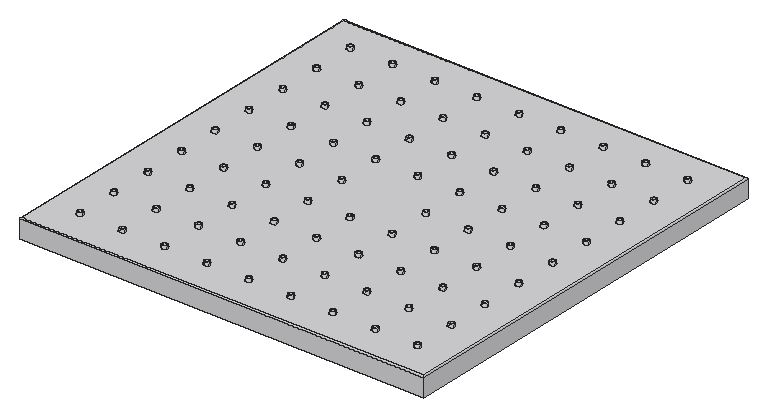
Revit family "Shower-Showerhead-KOHLER-Katalyst_Air-K-18361A", category Plumbing Fixtures, host Face, Revit 2017 (continued)
Definition of nested family "K-18361A"
  Lines and regions (in)
    symbolic lines, detail levels medium+fine
      curve 224: arc (1.1038148, 3.1298897, 0) -> (1.0408227, 3.1928818, 0) -> (0.9778306, 3.1298897, 0) r 0.0629921
      curve 225: arc (0.9935786, 3.1298897, 0) -> (1.0408227, 3.1771338, 0) -> (1.0880668, 3.1298897, 0) r 0.0472441
      curve 226: arc (1.0880668, 3.1298897, 0) -> (1.0408227, 3.0826456, 0) -> (0.9935786, 3.1298897, 0) r 0.0472441
      curve 227: arc (0.9778306, 3.1298897, 0) -> (1.0408227, 3.0668976, 0) -> (1.1038148, 3.1298897, 0) r 0.0629921
      curve 228: arc (0.964051, 3.1298897, 0) -> (1.0408227, 3.0531181, 0) -> (1.1175943, 3.1298897, 0) r 0.0767717
      curve 229: arc (1.1175943, 2.0877149, 0) -> (1.0408227, 2.1644866, 0) -> (0.964051, 2.0877149, 0) r 0.0767717
      curve 230: arc (1.1038148, 2.0877149, 0) -> (1.0408227, 2.1507071, 0) -> (0.9778306, 2.0877149, 0) r 0.0629921
      curve 231: arc (0.9935786, 2.0877149, 0) -> (1.0408227, 2.134959, 0) -> (1.0880668, 2.0877149, 0) r 0.0472441
      curve 232: arc (1.0880668, 2.0877149, 0) -> (1.0408227, 2.0404708, 0) -> (0.9935786, 2.0877149, 0) r 0.0472441
      curve 233: arc (0.9778306, 2.0877149, 0) -> (1.0408227, 2.0247228, 0) -> (1.1038148, 2.0877149, 0) r 0.0629921
      curve 234: arc (0.964051, 2.0877149, 0) -> (1.0408227, 2.0109433, 0) -> (1.1175943, 2.0877149, 0) r 0.0767717
      curve 235: arc (1.1175943, 1.0449391, 0) -> (1.0408227, 1.1217108, 0) -> (0.964051, 1.0449391, 0) r 0.0767717
      curve 236: arc (1.1038148, 1.0449391, 0) -> (1.0408227, 1.1079312, 0) -> (0.9778306, 1.0449391, 0) r 0.0629921
      curve 237: arc (0.9935786, 1.0449391, 0) -> (1.0408227, 1.0921832, 0) -> (1.0880668, 1.0449391, 0) r 0.0472441
      curve 238: arc (1.0880668, 1.0449391, 0) -> (1.0408227, 0.997695, 0) -> (0.9935786, 1.0449391, 0) r 0.0472441
      curve 239: arc (0.9778306, 1.0449391, 0) -> (1.0408227, 0.981947, 0) -> (1.1038148, 1.0449391, 0) r 0.0629921
      curve 240: arc (0.964051, 1.0449391, 0) -> (1.0408227, 0.9681674, 0) -> (1.1175943, 1.0449391, 0) r 0.0767717
      curve 241: arc (-4.0935977, -4.1745663, 0) -> (-4.1703694, -4.2513379, 0) -> (-4.247141, -4.1745663, 0) r 0.0767717
      curve 242: arc (-4.1073772, -4.1745663, 0) -> (-4.1703694, -4.2375584, 0) -> (-4.2333615, -4.1745663, 0) r 0.0629921
      curve 243: arc (-4.2176134, -4.1745663, 0) -> (-4.1703694, -4.2218104, 0) -> (-4.1231253, -4.1745663, 0) r 0.0472441
      curve 244: arc (-4.1231253, -4.1745663, 0) -> (-4.1703694, -4.1273222, 0) -> (-4.2176134, -4.1745663, 0) r 0.0472441
      curve 245: arc (-4.2333615, -4.1745663, 0) -> (-4.1703694, -4.1115742, 0) -> (-4.1073772, -4.1745663, 0) r 0.0629921
      curve 246: arc (-4.247141, -4.1745663, 0) -> (-4.1703694, -4.0977946, 0) -> (-4.0935977, -4.1745663, 0) r 0.0767717
      curve 247: arc (-4.0935977, -3.1292234, 0) -> (-4.1703694, -3.2059951, 0) -> (-4.247141, -3.1292234, 0) r 0.0767717
      curve 248: arc (-4.1073772, -3.1292234, 0) -> (-4.1703694, -3.1922155, 0) -> (-4.2333615, -3.1292234, 0) r 0.0629921
      curve 249: arc (-4.2176134, -3.1292234, 0) -> (-4.1703694, -3.1764675, 0) -> (-4.1231253, -3.1292234, 0) r 0.0472441
      curve 250: arc (-4.1231253, -3.1292234, 0) -> (-4.1703694, -3.0819793, 0) -> (-4.2176134, -3.1292234, 0) r 0.0472441
      curve 251: arc (-4.2333615, -3.1292234, 0) -> (-4.1703694, -3.0662313, 0) -> (-4.1073772, -3.1292234, 0) r 0.0629921
      curve 252: arc (-4.247141, -3.1292234, 0) -> (-4.1703694, -3.0524518, 0) -> (-4.0935977, -3.1292234, 0) r 0.0767717
      curve 253: arc (-3.0504155, -4.1745663, 0) -> (-3.1271871, -4.2513379, 0) -> (-3.2039588, -4.1745663, 0) r 0.0767717
      curve 254: arc (-3.064195, -4.1745663, 0) -> (-3.1271871, -4.2375584, 0) -> (-3.1901793, -4.1745663, 0) r 0.0629921
      curve 255: arc (-3.1744312, -4.1745663, 0) -> (-3.1271871, -4.2218104, 0) -> (-3.079943, -4.1745663, 0) r 0.0472441
      curve 256: arc (-3.079943, -4.1745663, 0) -> (-3.1271871, -4.1273222, 0) -> (-3.1744312, -4.1745663, 0) r 0.0472441
      curve 257: arc (-3.1901793, -4.1745663, 0) -> (-3.1271871, -4.1115742, 0) -> (-3.064195, -4.1745663, 0) r 0.0629921
      curve 258: arc (-3.2039588, -4.1745663, 0) -> (-3.1271871, -4.0977946, 0) -> (-3.0504155, -4.1745663, 0) r 0.0767717
      curve 259: arc (-3.0504155, -3.1298897, 0) -> (-3.1271871, -3.2066614, 0) -> (-3.2039588, -3.1298897, 0) r 0.0767717
      curve 260: arc (-3.064195, -3.1298897, 0) -> (-3.1271871, -3.1928818, 0) -> (-3.1901793, -3.1298897, 0) r 0.0629921
      curve 261: arc (-3.1744312, -3.1298897, 0) -> (-3.1271871, -3.1771338, 0) -> (-3.079943, -3.1298897, 0) r 0.0472441
      curve 262: arc (-3.079943, -3.1298897, 0) -> (-3.1271871, -3.0826456, 0) -> (-3.1744312, -3.1298897, 0) r 0.0472441
      curve 263: arc (-3.1901793, -3.1298897, 0) -> (-3.1271871, -3.0668976, 0) -> (-3.064195, -3.1298897, 0) r 0.0629921
      curve 264: arc (-3.2039588, -3.1298897, 0) -> (-3.1271871, -3.0531181, 0) -> (-3.0504155, -3.1298897, 0) r 0.0767717
      curve 265: arc (-3.0504155, -2.0877149, 0) -> (-3.1271871, -2.1644866, 0) -> (-3.2039588, -2.0877149, 0) r 0.0767717
      curve 266: arc (-3.064195, -2.0877149, 0) -> (-3.1271871, -2.1507071, 0) -> (-3.1901793, -2.0877149, 0) r 0.0629921
      curve 267: arc (-3.1744312, -2.0877149, 0) -> (-3.1271871, -2.134959, 0) -> (-3.079943, -2.0877149, 0) r 0.0472441
      curve 268: arc (-3.079943, -2.0877149, 0) -> (-3.1271871, -2.0404708, 0) -> (-3.1744312, -2.0877149, 0) r 0.0472441
      curve 269: arc (-3.1901793, -2.0877149, 0) -> (-3.1271871, -2.0247228, 0) -> (-3.064195, -2.0877149, 0) r 0.0629921
      curve 270: arc (-3.2039588, -2.0877149, 0) -> (-3.1271871, -2.0109433, 0) -> (-3.0504155, -2.0877149, 0) r 0.0767717
      curve 271: arc (-4.0935977, -2.0867319, 0) -> (-4.1703694, -2.1635036, 0) -> (-4.247141, -2.0867319, 0) r 0.0767717
      curve 272: arc (-4.1073772, -2.0867319, 0) -> (-4.1703694, -2.1497241, 0) -> (-4.2333615, -2.0867319, 0) r 0.0629921
      curve 273: arc (-4.2176134, -2.0867319, 0) -> (-4.1703694, -2.133976, 0) -> (-4.1231253, -2.0867319, 0) r 0.0472441
      curve 274: arc (-4.1231253, -2.0867319, 0) -> (-4.1703694, -2.0394878, 0) -> (-4.2176134, -2.0867319, 0) r 0.0472441
      curve 275: arc (-4.2333615, -2.0867319, 0) -> (-4.1703694, -2.0237398, 0) -> (-4.1073772, -2.0867319, 0) r 0.0629921
      curve 276: arc (-4.247141, -2.0867319, 0) -> (-4.1703694, -2.0099603, 0) -> (-4.0935977, -2.0867319, 0) r 0.0767717
      curve 277: arc (-3.0504155, -1.0449391, 0) -> (-3.1271871, -1.1217108, 0) -> (-3.2039588, -1.0449391, 0) r 0.0767717
      curve 278: arc (-3.064195, -1.0449391, 0) -> (-3.1271871, -1.1079312, 0) -> (-3.1901793, -1.0449391, 0) r 0.0629921
      curve 279: arc (-3.1744312, -1.0449391, 0) -> (-3.1271871, -1.0921832, 0) -> (-3.079943, -1.0449391, 0) r 0.0472441
      curve 280: arc (-3.079943, -1.0449391, 0) -> (-3.1271871, -0.997695, 0) -> (-3.1744312, -1.0449391, 0) r 0.0472441
      curve 281: arc (-3.1901793, -1.0449391, 0) -> (-3.1271871, -0.981947, 0) -> (-3.064195, -1.0449391, 0) r 0.0629921
      curve 282: arc (-3.2039588, -1.0449391, 0) -> (-3.1271871, -0.9681674, 0) -> (-3.0504155, -1.0449391, 0) r 0.0767717
      curve 283: arc (-4.0935977, -1.0446144, 0) -> (-4.1703694, -1.121386, 0) -> (-4.247141, -1.0446144, 0) r 0.0767717
      curve 284: arc (-4.1073772, -1.0446144, 0) -> (-4.1703694, -1.1076065, 0) -> (-4.2333615, -1.0446144, 0) r 0.0629921
      curve 285: arc (-4.2176134, -1.0446144, 0) -> (-4.1703694, -1.0918585, 0) -> (-4.1231253, -1.0446144, 0) r 0.0472441
      curve 286: arc (-4.1231253, -1.0446144, 0) -> (-4.1703694, -0.9973703, 0) -> (-4.2176134, -1.0446144, 0) r 0.0472441
      curve 287: arc (-4.2333615, -1.0446144, 0) -> (-4.1703694, -0.9816222, 0) -> (-4.1073772, -1.0446144, 0) r 0.0629921
      curve 288: arc (-4.247141, -1.0446144, 0) -> (-4.1703694, -0.9678427, 0) -> (-4.0935977, -1.0446144, 0) r 0.0767717
      curve 289: arc (-2.1607766, -4.1745663, 0) -> (-2.0840049, -4.2513379, 0) -> (-2.0072333, -4.1745663, 0) r 0.0767717
      curve 290: arc (-2.146997, -4.1745663, 0) -> (-2.0840049, -4.2375584, 0) -> (-2.0210128, -4.1745663, 0) r 0.0629921
      curve 291: arc (-2.0367608, -4.1745663, 0) -> (-2.0840049, -4.2218104, 0) -> (-2.131249, -4.1745663, 0) r 0.0472441
      curve 292: arc (-2.131249, -4.1745663, 0) -> (-2.0840049, -4.1273222, 0) -> (-2.0367608, -4.1745663, 0) r 0.0472441
      curve 293: arc (-2.0210128, -4.1745663, 0) -> (-2.0840049, -4.1115742, 0) -> (-2.146997, -4.1745663, 0) r 0.0629921
      curve 294: arc (-2.0072333, -4.1745663, 0) -> (-2.0840049, -4.0977946, 0) -> (-2.1607766, -4.1745663, 0) r 0.0767717
      curve 295: arc (-2.1607766, -3.1292234, 0) -> (-2.0840049, -3.2059951, 0) -> (-2.0072333, -3.1292234, 0) r 0.0767717
      curve 296: arc (-2.146997, -3.1292234, 0) -> (-2.0840049, -3.1922155, 0) -> (-2.0210128, -3.1292234, 0) r 0.0629921
      curve 297: arc (-2.0367608, -3.1292234, 0) -> (-2.0840049, -3.1764675, 0) -> (-2.131249, -3.1292234, 0) r 0.0472441
      curve 298: arc (-2.131249, -3.1292234, 0) -> (-2.0840049, -3.0819793, 0) -> (-2.0367608, -3.1292234, 0) r 0.0472441
      curve 299: arc (-2.0210128, -3.1292234, 0) -> (-2.0840049, -3.0662313, 0) -> (-2.146997, -3.1292234, 0) r 0.0629921
      curve 300: arc (-2.0072333, -3.1292234, 0) -> (-2.0840049, -3.0524518, 0) -> (-2.1607766, -3.1292234, 0) r 0.0767717
      curve 301: arc (-2.1607766, -2.0867319, 0) -> (-2.0840049, -2.1635036, 0) -> (-2.0072333, -2.0867319, 0) r 0.0767717
      curve 302: arc (-2.146997, -2.0867319, 0) -> (-2.0840049, -2.1497241, 0) -> (-2.0210128, -2.0867319, 0) r 0.0629921
      curve 303: arc (-2.0367608, -2.0867319, 0) -> (-2.0840049, -2.133976, 0) -> (-2.131249, -2.0867319, 0) r 0.0472441
      curve 304: arc (-2.131249, -2.0867319, 0) -> (-2.0840049, -2.0394878, 0) -> (-2.0367608, -2.0867319, 0) r 0.0472441
      curve 305: arc (-2.0210128, -2.0867319, 0) -> (-2.0840049, -2.0237398, 0) -> (-2.146997, -2.0867319, 0) r 0.0629921
      curve 306: arc (-2.0072333, -2.0867319, 0) -> (-2.0840049, -2.0099603, 0) -> (-2.1607766, -2.0867319, 0) r 0.0767717
      curve 307: arc (-2.1607766, -1.0446144, 0) -> (-2.0840049, -1.121386, 0) -> (-2.0072333, -1.0446144, 0) r 0.0767717
      curve 308: arc (-2.146997, -1.0446144, 0) -> (-2.0840049, -1.1076065, 0) -> (-2.0210128, -1.0446144, 0) r 0.0629921
      curve 309: arc (-2.0367608, -1.0446144, 0) -> (-2.0840049, -1.0918585, 0) -> (-2.131249, -1.0446144, 0) r 0.0472441
      curve 310: arc (-2.131249, -1.0446144, 0) -> (-2.0840049, -0.9973703, 0) -> (-2.0367608, -1.0446144, 0) r 0.0472441
      curve 311: arc (-2.0210128, -1.0446144, 0) -> (-2.0840049, -0.9816222, 0) -> (-2.146997, -1.0446144, 0) r 0.0629921
      curve 312: arc (-2.0072333, -1.0446144, 0) -> (-2.0840049, -0.9678427, 0) -> (-2.1607766, -1.0446144, 0) r 0.0767717
      curve 313: arc (-1.1175943, -4.1745663, 0) -> (-1.0408227, -4.2513379, 0) -> (-0.964051, -4.1745663, 0) r 0.0767717
      curve 314: arc (-1.1038148, -4.1745663, 0) -> (-1.0408227, -4.2375584, 0) -> (-0.9778306, -4.1745663, 0) r 0.0629921
      curve 315: arc (-0.9935786, -4.1745663, 0) -> (-1.0408227, -4.2218104, 0) -> (-1.0880668, -4.1745663, 0) r 0.0472441
      curve 316: arc (-1.0880668, -4.1745663, 0) -> (-1.0408227, -4.1273222, 0) -> (-0.9935786, -4.1745663, 0) r 0.0472441
      curve 317: arc (-0.9778306, -4.1745663, 0) -> (-1.0408227, -4.1115742, 0) -> (-1.1038148, -4.1745663, 0) r 0.0629921
      curve 318: arc (-0.964051, -4.1745663, 0) -> (-1.0408227, -4.0977946, 0) -> (-1.1175943, -4.1745663, 0) r 0.0767717
      curve 319: arc (-1.1175943, -3.1298897, 0) -> (-1.0408227, -3.2066614, 0) -> (-0.964051, -3.1298897, 0) r 0.0767717
      curve 320: arc (-1.1038148, -3.1298897, 0) -> (-1.0408227, -3.1928818, 0) -> (-0.9778306, -3.1298897, 0) r 0.0629921
      curve 321: arc (-0.9935786, -3.1298897, 0) -> (-1.0408227, -3.1771338, 0) -> (-1.0880668, -3.1298897, 0) r 0.0472441
      curve 322: arc (-1.0880668, -3.1298897, 0) -> (-1.0408227, -3.0826456, 0) -> (-0.9935786, -3.1298897, 0) r 0.0472441
      curve 323: arc (-0.9778306, -3.1298897, 0) -> (-1.0408227, -3.0668976, 0) -> (-1.1038148, -3.1298897, 0) r 0.0629921
      curve 324: arc (-0.964051, -3.1298897, 0) -> (-1.0408227, -3.0531181, 0) -> (-1.1175943, -3.1298897, 0) r 0.0767717
      curve 325: arc (-1.1175943, -2.0877149, 0) -> (-1.0408227, -2.1644866, 0) -> (-0.964051, -2.0877149, 0) r 0.0767717
      curve 326: arc (-1.1038148, -2.0877149, 0) -> (-1.0408227, -2.1507071, 0) -> (-0.9778306, -2.0877149, 0) r 0.0629921
      curve 327: arc (-0.9935786, -2.0877149, 0) -> (-1.0408227, -2.134959, 0) -> (-1.0880668, -2.0877149, 0) r 0.0472441
      curve 328: arc (-1.0880668, -2.0877149, 0) -> (-1.0408227, -2.0404708, 0) -> (-0.9935786, -2.0877149, 0) r 0.0472441
      curve 329: arc (-0.9778306, -2.0877149, 0) -> (-1.0408227, -2.0247228, 0) -> (-1.1038148, -2.0877149, 0) r 0.0629921
      curve 330: arc (-0.964051, -2.0877149, 0) -> (-1.0408227, -2.0109433, 0) -> (-1.1175943, -2.0877149, 0) r 0.0767717
      curve 331: arc (-1.1175943, -1.0449391, 0) -> (-1.0408227, -1.1217108, 0) -> (-0.964051, -1.0449391, 0) r 0.0767717
      curve 332: arc (-1.1038148, -1.0449391, 0) -> (-1.0408227, -1.1079312, 0) -> (-0.9778306, -1.0449391, 0) r 0.0629921
      curve 333: arc (-0.9935786, -1.0449391, 0) -> (-1.0408227, -1.0921832, 0) -> (-1.0880668, -1.0449391, 0) r 0.0472441
      curve 334: arc (-1.0880668, -1.0449391, 0) -> (-1.0408227, -0.997695, 0) -> (-0.9935786, -1.0449391, 0) r 0.0472441
      curve 335: arc (-0.9778306, -1.0449391, 0) -> (-1.0408227, -0.981947, 0) -> (-1.1038148, -1.0449391, 0) r 0.0629921
      curve 336: arc (-0.964051, -1.0449391, 0) -> (-1.0408227, -0.9681674, 0) -> (-1.1175943, -1.0449391, 0) r 0.0767717
      curve 337: arc (0.0791312, -4.1745663, 0) -> (0.0023595, -4.2513379, 0) -> (-0.0744121, -4.1745663, 0) r 0.0767717
      curve 338: arc (0.0653517, -4.1745663, 0) -> (0.0023595, -4.2375584, 0) -> (-0.0606326, -4.1745663, 0) r 0.0629921
      curve 339: arc (-0.0448846, -4.1745663, 0) -> (0.0023595, -4.2218104, 0) -> (0.0496036, -4.1745663, 0) r 0.0472441
      curve 340: arc (0.0496036, -4.1745663, 0) -> (0.0023595, -4.1273222, 0) -> (-0.0448846, -4.1745663, 0) r 0.0472441
      curve 341: arc (-0.0606326, -4.1745663, 0) -> (0.0023595, -4.1115742, 0) -> (0.0653517, -4.1745663, 0) r 0.0629921
      curve 342: arc (-0.0744121, -4.1745663, 0) -> (0.0023595, -4.0977946, 0) -> (0.0791312, -4.1745663, 0) r 0.0767717
      curve 343: arc (0.0791312, -3.1292234, 0) -> (0.0023595, -3.2059951, 0) -> (-0.0744121, -3.1292234, 0) r 0.0767717
      curve 344: arc (0.0653517, -3.1292234, 0) -> (0.0023595, -3.1922155, 0) -> (-0.0606326, -3.1292234, 0) r 0.0629921
      curve 345: arc (-0.0448846, -3.1292234, 0) -> (0.0023595, -3.1764675, 0) -> (0.0496036, -3.1292234, 0) r 0.0472441
      curve 346: arc (0.0496036, -3.1292234, 0) -> (0.0023595, -3.0819793, 0) -> (-0.0448846, -3.1292234, 0) r 0.0472441
      curve 347: arc (-0.0606326, -3.1292234, 0) -> (0.0023595, -3.0662313, 0) -> (0.0653517, -3.1292234, 0) r 0.0629921
      curve 348: arc (-0.0744121, -3.1292234, 0) -> (0.0023595, -3.0524518, 0) -> (0.0791312, -3.1292234, 0) r 0.0767717
      curve 349: arc (0.0791312, -2.0867319, 0) -> (0.0023595, -2.1635036, 0) -> (-0.0744121, -2.0867319, 0) r 0.0767717
      curve 350: arc (0.0653517, -2.0867319, 0) -> (0.0023595, -2.1497241, 0) -> (-0.0606326, -2.0867319, 0) r 0.0629921
      curve 351: arc (-0.0448846, -2.0867319, 0) -> (0.0023595, -2.133976, 0) -> (0.0496036, -2.0867319, 0) r 0.0472441
      curve 352: arc (0.0496036, -2.0867319, 0) -> (0.0023595, -2.0394878, 0) -> (-0.0448846, -2.0867319, 0) r 0.0472441
      curve 353: arc (-0.0606326, -2.0867319, 0) -> (0.0023595, -2.0237398, 0) -> (0.0653517, -2.0867319, 0) r 0.0629921
      curve 354: arc (-0.0744121, -2.0867319, 0) -> (0.0023595, -2.0099603, 0) -> (0.0791312, -2.0867319, 0) r 0.0767717
      curve 355: arc (0.0791312, -1.0446144, 0) -> (0.0023595, -1.121386, 0) -> (-0.0744121, -1.0446144, 0) r 0.0767717
      curve 356: arc (0.0653517, -1.0446144, 0) -> (0.0023595, -1.1076065, 0) -> (-0.0606326, -1.0446144, 0) r 0.0629921
      curve 357: arc (-0.0448846, -1.0446144, 0) -> (0.0023595, -1.0918585, 0) -> (0.0496036, -1.0446144, 0) r 0.0472441
      curve 358: arc (0.0496036, -1.0446144, 0) -> (0.0023595, -0.9973703, 0) -> (-0.0448846, -1.0446144, 0) r 0.0472441
      curve 359: arc (-0.0606326, -1.0446144, 0) -> (0.0023595, -0.9816222, 0) -> (0.0653517, -1.0446144, 0) r 0.0629921
      curve 360: arc (-0.0744121, -1.0446144, 0) -> (0.0023595, -0.9678427, 0) -> (0.0791312, -1.0446144, 0) r 0.0767717
      curve 361: arc (4.0935977, -4.1745663, 0) -> (4.1703694, -4.2513379, 0) -> (4.247141, -4.1745663, 0) r 0.0767717
      curve 362: arc (4.1073772, -4.1745663, 0) -> (4.1703694, -4.2375584, 0) -> (4.2333615, -4.1745663, 0) r 0.0629921
      curve 363: arc (4.2176134, -4.1745663, 0) -> (4.1703694, -4.2218104, 0) -> (4.1231253, -4.1745663, 0) r 0.0472441
      curve 364: arc (4.1231253, -4.1745663, 0) -> (4.1703694, -4.1273222, 0) -> (4.2176134, -4.1745663, 0) r 0.0472441
      curve 365: arc (4.2333615, -4.1745663, 0) -> (4.1703694, -4.1115742, 0) -> (4.1073772, -4.1745663, 0) r 0.0629921
      curve 366: arc (4.247141, -4.1745663, 0) -> (4.1703694, -4.0977946, 0) -> (4.0935977, -4.1745663, 0) r 0.0767717
      curve 367: arc (4.0935977, -3.1292234, 0) -> (4.1703694, -3.2059951, 0) -> (4.247141, -3.1292234, 0) r 0.0767717
      curve 368: arc (4.1073772, -3.1292234, 0) -> (4.1703694, -3.1922155, 0) -> (4.2333615, -3.1292234, 0) r 0.0629921
      curve 369: arc (4.2176134, -3.1292234, 0) -> (4.1703694, -3.1764675, 0) -> (4.1231253, -3.1292234, 0) r 0.0472441
      curve 370: arc (4.1231253, -3.1292234, 0) -> (4.1703694, -3.0819793, 0) -> (4.2176134, -3.1292234, 0) r 0.0472441
      curve 371: arc (4.2333615, -3.1292234, 0) -> (4.1703694, -3.0662313, 0) -> (4.1073772, -3.1292234, 0) r 0.0629921
      curve 372: arc (4.247141, -3.1292234, 0) -> (4.1703694, -3.0524518, 0) -> (4.0935977, -3.1292234, 0) r 0.0767717
      curve 373: arc (3.0504155, -4.1745663, 0) -> (3.1271871, -4.2513379, 0) -> (3.2039588, -4.1745663, 0) r 0.0767717
      curve 374: arc (3.064195, -4.1745663, 0) -> (3.1271871, -4.2375584, 0) -> (3.1901793, -4.1745663, 0) r 0.0629921
      curve 375: arc (3.1744312, -4.1745663, 0) -> (3.1271871, -4.2218104, 0) -> (3.079943, -4.1745663, 0) r 0.0472441
      curve 376: arc (3.079943, -4.1745663, 0) -> (3.1271871, -4.1273222, 0) -> (3.1744312, -4.1745663, 0) r 0.0472441
      curve 377: arc (3.1901793, -4.1745663, 0) -> (3.1271871, -4.1115742, 0) -> (3.064195, -4.1745663, 0) r 0.0629921
      curve 378: arc (3.2039588, -4.1745663, 0) -> (3.1271871, -4.0977946, 0) -> (3.0504155, -4.1745663, 0) r 0.0767717
      curve 379: arc (3.0504155, -3.1298897, 0) -> (3.1271871, -3.2066614, 0) -> (3.2039588, -3.1298897, 0) r 0.0767717
      curve 380: arc (3.064195, -3.1298897, 0) -> (3.1271871, -3.1928818, 0) -> (3.1901793, -3.1298897, 0) r 0.0629921
      curve 381: arc (3.1744312, -3.1298897, 0) -> (3.1271871, -3.1771338, 0) -> (3.079943, -3.1298897, 0) r 0.0472441
      curve 382: arc (3.079943, -3.1298897, 0) -> (3.1271871, -3.0826456, 0) -> (3.1744312, -3.1298897, 0) r 0.0472441
      curve 383: arc (3.1901793, -3.1298897, 0) -> (3.1271871, -3.0668976, 0) -> (3.064195, -3.1298897, 0) r 0.0629921
      curve 384: arc (3.2039588, -3.1298897, 0) -> (3.1271871, -3.0531181, 0) -> (3.0504155, -3.1298897, 0) r 0.0767717
      curve 385: arc (3.0504155, -2.0877149, 0) -> (3.1271871, -2.1644866, 0) -> (3.2039588, -2.0877149, 0) r 0.0767717
      curve 386: arc (3.064195, -2.0877149, 0) -> (3.1271871, -2.1507071, 0) -> (3.1901793, -2.0877149, 0) r 0.0629921
      curve 387: arc (3.1744312, -2.0877149, 0) -> (3.1271871, -2.134959, 0) -> (3.079943, -2.0877149, 0) r 0.0472441
      curve 388: arc (3.079943, -2.0877149, 0) -> (3.1271871, -2.0404708, 0) -> (3.1744312, -2.0877149, 0) r 0.0472441
      curve 389: arc (3.1901793, -2.0877149, 0) -> (3.1271871, -2.0247228, 0) -> (3.064195, -2.0877149, 0) r 0.0629921
      curve 390: arc (3.2039588, -2.0877149, 0) -> (3.1271871, -2.0109433, 0) -> (3.0504155, -2.0877149, 0) r 0.0767717
      curve 391: arc (4.0935977, -2.0867319, 0) -> (4.1703694, -2.1635036, 0) -> (4.247141, -2.0867319, 0) r 0.0767717
      curve 392: arc (4.1073772, -2.0867319, 0) -> (4.1703694, -2.1497241, 0) -> (4.2333615, -2.0867319, 0) r 0.0629921
      curve 393: arc (4.2176134, -2.0867319, 0) -> (4.1703694, -2.133976, 0) -> (4.1231253, -2.0867319, 0) r 0.0472441
      curve 394: arc (4.1231253, -2.0867319, 0) -> (4.1703694, -2.0394878, 0) -> (4.2176134, -2.0867319, 0) r 0.0472441
      curve 395: arc (4.2333615, -2.0867319, 0) -> (4.1703694, -2.0237398, 0) -> (4.1073772, -2.0867319, 0) r 0.0629921
      curve 396: arc (4.247141, -2.0867319, 0) -> (4.1703694, -2.0099603, 0) -> (4.0935977, -2.0867319, 0) r 0.0767717
      curve 397: arc (3.0504155, -1.0449391, 0) -> (3.1271871, -1.1217108, 0) -> (3.2039588, -1.0449391, 0) r 0.0767717
      curve 398: arc (3.064195, -1.0449391, 0) -> (3.1271871, -1.1079312, 0) -> (3.1901793, -1.0449391, 0) r 0.0629921
      curve 399: arc (3.1744312, -1.0449391, 0) -> (3.1271871, -1.0921832, 0) -> (3.079943, -1.0449391, 0) r 0.0472441
      curve 400: arc (3.079943, -1.0449391, 0) -> (3.1271871, -0.997695, 0) -> (3.1744312, -1.0449391, 0) r 0.0472441
      curve 401: arc (3.1901793, -1.0449391, 0) -> (3.1271871, -0.981947, 0) -> (3.064195, -1.0449391, 0) r 0.0629921
      curve 402: arc (3.2039588, -1.0449391, 0) -> (3.1271871, -0.9681674, 0) -> (3.0504155, -1.0449391, 0) r 0.0767717
      curve 403: arc (4.0935977, -1.0446144, 0) -> (4.1703694, -1.121386, 0) -> (4.247141, -1.0446144, 0) r 0.0767717
      curve 404: arc (4.1073772, -1.0446144, 0) -> (4.1703694, -1.1076065, 0) -> (4.2333615, -1.0446144, 0) r 0.0629921
      curve 405: arc (4.2176134, -1.0446144, 0) -> (4.1703694, -1.0918585, 0) -> (4.1231253, -1.0446144, 0) r 0.0472441
      curve 406: arc (4.1231253, -1.0446144, 0) -> (4.1703694, -0.9973703, 0) -> (4.2176134, -1.0446144, 0) r 0.0472441
      curve 407: arc (4.2333615, -1.0446144, 0) -> (4.1703694, -0.9816222, 0) -> (4.1073772, -1.0446144, 0) r 0.0629921
      curve 408: arc (4.247141, -1.0446144, 0) -> (4.1703694, -0.9678427, 0) -> (4.0935977, -1.0446144, 0) r 0.0767717
      curve 409: arc (2.1607766, -4.1745663, 0) -> (2.0840049, -4.2513379, 0) -> (2.0072333, -4.1745663, 0) r 0.0767717
      curve 410: arc (2.146997, -4.1745663, 0) -> (2.0840049, -4.2375584, 0) -> (2.0210128, -4.1745663, 0) r 0.0629921
      curve 411: arc (2.0367608, -4.1745663, 0) -> (2.0840049, -4.2218104, 0) -> (2.131249, -4.1745663, 0) r 0.0472441
      curve 412: arc (2.131249, -4.1745663, 0) -> (2.0840049, -4.1273222, 0) -> (2.0367608, -4.1745663, 0) r 0.0472441
      curve 413: arc (2.0210128, -4.1745663, 0) -> (2.0840049, -4.1115742, 0) -> (2.146997, -4.1745663, 0) r 0.0629921
      curve 414: arc (2.0072333, -4.1745663, 0) -> (2.0840049, -4.0977946, 0) -> (2.1607766, -4.1745663, 0) r 0.0767717
      curve 415: arc (2.1607766, -3.1292234, 0) -> (2.0840049, -3.2059951, 0) -> (2.0072333, -3.1292234, 0) r 0.0767717
      curve 416: arc (2.146997, -3.1292234, 0) -> (2.0840049, -3.1922155, 0) -> (2.0210128, -3.1292234, 0) r 0.0629921
      curve 417: arc (2.0367608, -3.1292234, 0) -> (2.0840049, -3.1764675, 0) -> (2.131249, -3.1292234, 0) r 0.0472441
      curve 418: arc (2.131249, -3.1292234, 0) -> (2.0840049, -3.0819793, 0) -> (2.0367608, -3.1292234, 0) r 0.0472441
      curve 419: arc (2.0210128, -3.1292234, 0) -> (2.0840049, -3.0662313, 0) -> (2.146997, -3.1292234, 0) r 0.0629921
      curve 420: arc (2.0072333, -3.1292234, 0) -> (2.0840049, -3.0524518, 0) -> (2.1607766, -3.1292234, 0) r 0.0767717
      curve 421: arc (2.1607766, -2.0867319, 0) -> (2.0840049, -2.1635036, 0) -> (2.0072333, -2.0867319, 0) r 0.0767717
      curve 422: arc (2.146997, -2.0867319, 0) -> (2.0840049, -2.1497241, 0) -> (2.0210128, -2.0867319, 0) r 0.0629921
      curve 423: arc (2.0367608, -2.0867319, 0) -> (2.0840049, -2.133976, 0) -> (2.131249, -2.0867319, 0) r 0.0472441
      curve 424: arc (2.131249, -2.0867319, 0) -> (2.0840049, -2.0394878, 0) -> (2.0367608, -2.0867319, 0) r 0.0472441
      curve 425: arc (2.0210128, -2.0867319, 0) -> (2.0840049, -2.0237398, 0) -> (2.146997, -2.0867319, 0) r 0.0629921
      curve 426: arc (2.0072333, -2.0867319, 0) -> (2.0840049, -2.0099603, 0) -> (2.1607766, -2.0867319, 0) r 0.0767717
      curve 427: arc (2.1607766, -1.0446144, 0) -> (2.0840049, -1.121386, 0) -> (2.0072333, -1.0446144, 0) r 0.0767717
      curve 428: arc (2.146997, -1.0446144, 0) -> (2.0840049, -1.1076065, 0) -> (2.0210128, -1.0446144, 0) r 0.0629921
      curve 429: arc (2.0367608, -1.0446144, 0) -> (2.0840049, -1.0918585, 0) -> (2.131249, -1.0446144, 0) r 0.0472441
      curve 430: arc (2.131249, -1.0446144, 0) -> (2.0840049, -0.9973703, 0) -> (2.0367608, -1.0446144, 0) r 0.0472441
      curve 431: arc (2.0210128, -1.0446144, 0) -> (2.0840049, -0.9816222, 0) -> (2.146997, -1.0446144, 0) r 0.0629921
      curve 432: arc (2.0072333, -1.0446144, 0) -> (2.0840049, -0.9678427, 0) -> (2.1607766, -1.0446144, 0) r 0.0767717
      curve 433: arc (1.1175943, -4.1745663, 0) -> (1.0408227, -4.2513379, 0) -> (0.964051, -4.1745663, 0) r 0.0767717
      curve 434: arc (1.1038148, -4.1745663, 0) -> (1.0408227, -4.2375584, 0) -> (0.9778306, -4.1745663, 0) r 0.0629921
      curve 435: arc (0.9935786, -4.1745663, 0) -> (1.0408227, -4.2218104, 0) -> (1.0880668, -4.1745663, 0) r 0.0472441
      curve 436: arc (1.0880668, -4.1745663, 0) -> (1.0408227, -4.1273222, 0) -> (0.9935786, -4.1745663, 0) r 0.0472441
      curve 437: arc (0.9778306, -4.1745663, 0) -> (1.0408227, -4.1115742, 0) -> (1.1038148, -4.1745663, 0) r 0.0629921
      curve 438: arc (0.964051, -4.1745663, 0) -> (1.0408227, -4.0977946, 0) -> (1.1175943, -4.1745663, 0) r 0.0767717
      curve 439: arc (1.1175943, -3.1298897, 0) -> (1.0408227, -3.2066614, 0) -> (0.964051, -3.1298897, 0) r 0.0767717
      curve 440: arc (1.1038148, -3.1298897, 0) -> (1.0408227, -3.1928818, 0) -> (0.9778306, -3.1298897, 0) r 0.0629921
      curve 441: arc (0.9935786, -3.1298897, 0) -> (1.0408227, -3.1771338, 0) -> (1.0880668, -3.1298897, 0) r 0.0472441
      curve 442: arc (1.0880668, -3.1298897, 0) -> (1.0408227, -3.0826456, 0) -> (0.9935786, -3.1298897, 0) r 0.0472441
      curve 443: arc (0.9778306, -3.1298897, 0) -> (1.0408227, -3.0668976, 0) -> (1.1038148, -3.1298897, 0) r 0.0629921
      curve 444: arc (0.964051, -3.1298897, 0) -> (1.0408227, -3.0531181, 0) -> (1.1175943, -3.1298897, 0) r 0.0767717
      curve 445: arc (1.1175943, -2.0877149, 0) -> (1.0408227, -2.1644866, 0) -> (0.964051, -2.0877149, 0) r 0.0767717
      curve 446: arc (1.1038148, -2.0877149, 0) -> (1.0408227, -2.1507071, 0) -> (0.9778306, -2.0877149, 0) r 0.0629921
      curve 447: arc (0.9935786, -2.0877149, 0) -> (1.0408227, -2.134959, 0) -> (1.0880668, -2.0877149, 0) r 0.0472441
      curve 448: arc (1.0880668, -2.0877149, 0) -> (1.0408227, -2.0404708, 0) -> (0.9935786, -2.0877149, 0) r 0.0472441
      curve 449: arc (0.9778306, -2.0877149, 0) -> (1.0408227, -2.0247228, 0) -> (1.1038148, -2.0877149, 0) r 0.0629921
      curve 450: arc (0.964051, -2.0877149, 0) -> (1.0408227, -2.0109433, 0) -> (1.1175943, -2.0877149, 0) r 0.0767717
      curve 451: arc (1.1175943, -1.0449391, 0) -> (1.0408227, -1.1217108, 0) -> (0.964051, -1.0449391, 0) r 0.0767717
      curve 452: arc (1.1038148, -1.0449391, 0) -> (1.0408227, -1.1079312, 0) -> (0.9778306, -1.0449391, 0) r 0.0629921
      curve 453: arc (0.9935786, -1.0449391, 0) -> (1.0408227, -1.0921832, 0) -> (1.0880668, -1.0449391, 0) r 0.0472441
      curve 454: arc (1.0880668, -1.0449391, 0) -> (1.0408227, -0.997695, 0) -> (0.9935786, -1.0449391, 0) r 0.0472441
      curve 455: arc (0.9778306, -1.0449391, 0) -> (1.0408227, -0.981947, 0) -> (1.1038148, -1.0449391, 0) r 0.0629921
      curve 456: arc (0.964051, -1.0449391, 0) -> (1.0408227, -0.9681674, 0) -> (1.1175943, -1.0449391, 0) r 0.0767717
      curve 457: arc (3.0504155, 0, 0) -> (3.1271871, 0.0767717, 0) -> (3.2039588, 0, 0) r 0.0767717
      curve 458: arc (3.064195, 0, 0) -> (3.1271871, 0.0629921, 0) -> (3.1901793, 0, 0) r 0.0629921
      curve 459: arc (3.1744312, 0, 0) -> (3.1271871, 0.0472441, 0) -> (3.079943, 0, 0) r 0.0472441
      curve 460: arc (3.079943, 0, 0) -> (3.1271871, -0.0472441, 0) -> (3.1744312, 0, 0) r 0.0472441
      curve 461: arc (3.1901793, 0, 0) -> (3.1271871, -0.0629921, 0) -> (3.064195, 0, 0) r 0.0629921
      curve 462: arc (3.2039588, 0, 0) -> (3.1271871, -0.0767717, 0) -> (3.0504155, 0, 0) r 0.0767717
      curve 463: arc (4.0935977, 0, 0) -> (4.1703694, 0.0767717, 0) -> (4.247141, 0, 0) r 0.0767717
      curve 464: arc (4.1073772, 0, 0) -> (4.1703694, 0.0629921, 0) -> (4.2333615, 0, 0) r 0.0629921
      curve 465: arc (4.2176134, 0, 0) -> (4.1703694, 0.0472441, 0) -> (4.1231253, 0, 0) r 0.0472441
      curve 466: arc (4.1231253, 0, 0) -> (4.1703694, -0.0472441, 0) -> (4.2176134, 0, 0) r 0.0472441
      curve 467: arc (4.2333615, 0, 0) -> (4.1703694, -0.0629921, 0) -> (4.1073772, 0, 0) r 0.0629921
      curve 468: arc (4.247141, 0, 0) -> (4.1703694, -0.0767717, 0) -> (4.0935977, 0, 0) r 0.0767717
      curve 469: arc (2.1607766, 0, 0) -> (2.0840049, 0.0767717, 0) -> (2.0072333, 0, 0) r 0.0767717
      curve 470: arc (2.146997, 0, 0) -> (2.0840049, 0.0629921, 0) -> (2.0210128, 0, 0) r 0.0629921
      curve 471: arc (2.0367608, 0, 0) -> (2.0840049, 0.0472441, 0) -> (2.131249, 0, 0) r 0.0472441
      curve 472: arc (2.131249, 0, 0) -> (2.0840049, -0.0472441, 0) -> (2.0367608, 0, 0) r 0.0472441
      curve 473: arc (2.0210128, 0, 0) -> (2.0840049, -0.0629921, 0) -> (2.146997, 0, 0) r 0.0629921
      curve 474: arc (2.0072333, 0, 0) -> (2.0840049, -0.0767717, 0) -> (2.1607766, 0, 0) r 0.0767717
      curve 475: arc (1.1175943, 0, 0) -> (1.0408227, 0.0767717, 0) -> (0.964051, 0, 0) r 0.0767717
      curve 476: arc (1.1038148, 0, 0) -> (1.0408227, 0.0629921, 0) -> (0.9778306, 0, 0) r 0.0629921
      curve 477: arc (0.9935786, 0, 0) -> (1.0408227, 0.0472441, 0) -> (1.0880668, 0, 0) r 0.0472441
      curve 478: arc (1.0880668, 0, 0) -> (1.0408227, -0.0472441, 0) -> (0.9935786, 0, 0) r 0.0472441
      curve 479: arc (0.9778306, 0, 0) -> (1.0408227, -0.0629921, 0) -> (1.1038148, 0, 0) r 0.0629921
      curve 480: arc (0.964051, 0, 0) -> (1.0408227, -0.0767717, 0) -> (1.1175943, 0, 0) r 0.0767717
      curve 481: spline (5.0004422, 5.0004295, 0) -> (4.9994705, 4.9993719, 0) -> (4.9980665, 4.9978961, 0) -> (4.9962521, 4.9960252, 0) -> (4.9940557, 4.9937884, 0) -> (4.9915114, 4.9912206, 0) -> (4.9886591, 4.9883619, 0) -> (4.9855432, 4.9852569, 0) -> (4.9822124, 4.9819541, 0) -> (4.9787187, 4.9785051, 0) -> (4.9751167, 4.9749637, 0) -> (4.9714625, 4.9713851, 0) -> (4.9678132, 4.9678253, 0)
      curve 482: spline (4.9678253, -4.9678132, 0) -> (4.9713851, -4.9714625, 0) -> (4.9749637, -4.9751167, 0) -> (4.9785051, -4.9787187, 0) -> (4.9819541, -4.9822124, 0) -> (4.9852569, -4.9855432, 0) -> (4.9883619, -4.9886591, 0) -> (4.9912206, -4.9915114, 0) -> (4.9937884, -4.9940557, 0) -> (4.9960252, -4.9962521, 0) -> (4.9978961, -4.9980665, 0) -> (4.9993719, -4.9994705, 0) -> (5.0004295, -5.0004422, 0)
      curve 483: spline (-4.9678132, -4.9678253, 0) -> (-4.9714625, -4.9713851, 0) -> (-4.9751167, -4.9749637, 0) -> (-4.9787187, -4.9785051, 0) -> (-4.9822124, -4.9819541, 0) -> (-4.9855432, -4.9852569, 0) -> (-4.9886591, -4.9883619, 0) -> (-4.9915114, -4.9912206, 0) -> (-4.9940557, -4.9937884, 0) -> (-4.9962521, -4.9960252, 0) -> (-4.9980665, -4.9978961, 0) -> (-4.9994705, -4.9993719, 0) -> (-5.0004422, -5.0004295, 0)
      curve 484: spline (-4.9678253, 4.9678132, 0) -> (-4.9713851, 4.9714625, 0) -> (-4.9749637, 4.9751167, 0) -> (-4.9785051, 4.9787187, 0) -> (-4.9819541, 4.9822124, 0) -> (-4.9852569, 4.9855432, 0) -> (-4.9883619, 4.9886591, 0) -> (-4.9912206, 4.9915114, 0) -> (-4.9937884, 4.9940557, 0) -> (-4.9960252, 4.9962521, 0) -> (-4.9978961, 4.9980665, 0) -> (-4.9993719, 4.9994705, 0) -> (-5.0004295, 5.0004422, 0)
      curve 485: line (-4.9678253, 4.9678132, 0) -> (4.9678253, 4.9678132, 0)
      curve 486: line (-4.9678253, -4.9678132, 0) -> (-4.9678253, 4.9678132, 0)
      curve 487: line (4.9678253, -4.9678132, 0) -> (-4.9678253, -4.9678132, 0)
      curve 488: line (4.9678253, 4.9678132, 0) -> (4.9678253, -4.9678132, 0)
      curve 489: line (-0.4950271, 0, 0.0206322) -> (0.4950271, 0, 0.0206322)
      curve 490: line (-0.3519033, 0, 0.7526845) -> (0.3519033, 0, 0.7526845)
      curve 491: line (-0.3372043, 0, 0.871407) -> (0.3372043, 0, 0.871407)
      curve 492: line (-0.4459404, 0, 0.9923543) -> (0.4459404, 0, 0.9923543)
      curve 493: line (-0.7185571, 0, 2.0592835) -> (0.7185571, 0, 2.0592835)
      curve 494: line (-5, 0, 2.4993911) -> (5, 0, 2.4993911)
      curve 495: line (-4.2333615, 0, 2.5317244) -> (-4.1073772, 0, 2.5317244)
      curve 496: line (-3.1901793, 0, 2.5317244) -> (-3.064195, 0, 2.5317244)
      curve 497: line (-2.146997, 0, 2.5317244) -> (-2.0210128, 0, 2.5317244)
      curve 498: line (-1.1180252, 0, 2.5317244) -> (-0.9782614, 0, 2.5317244)
      curve 499: line (-0.0608251, 0, 2.5317244) -> (0.0651591, 0, 2.5317244)
      curve 500: line (0.9782614, 0, 2.5317244) -> (1.1042456, 0, 2.5317244)
      curve 501: line (2.0210128, 0, 2.5317244) -> (2.146997, 0, 2.5317244)
      curve 502: line (3.064195, 0, 2.5317244) -> (3.1901793, 0, 2.5317244)
      curve 503: line (4.1073772, 0, 2.5317244) -> (4.2333615, 0, 2.5317244)
      curve 504: line (-0.1950048, 0, 0.5381731) -> (0.1950048, 0, 0.5381731)
      curve 505: line (-0.1950048, 0, 0.1906535) -> (-0.1950048, 0, 0.5381731)
      curve 506: spline (0.1488494, 0, 0.1491365) -> (0.1252196, 0, 0.1422221) -> (0.1009529, 0, 0.136516) -> (0.0761729, 0, 0.1320473) -> (0.0510055, 0, 0.1288387) -> (0.0255788, 0, 0.1269066) -> (0.0000219, 0, 0.1262607) -> (-0.0255351, 0, 0.1269044) -> (-0.0509622, 0, 0.1288343) -> (-0.0761301, 0, 0.1320407) -> (-0.1009109, 0, 0.1365073) -> (-0.1251785, 0, 0.1422112) -> (-0.1488095, 0, 0.1491237)
      curve 507: spline (0.1950048, 0, 0.1907143) -> (0.1931929, 0, 0.185399) -> (0.1909175, 0, 0.1802904) -> (0.1881987, 0, 0.1754335) -> (0.1850606, 0, 0.1708714) -> (0.181531, 0, 0.1666446) -> (0.1776412, 0, 0.1627905) -> (0.1734256, 0, 0.1593431) -> (0.1689216, 0, 0.156333) -> (0.1641689, 0, 0.153787) -> (0.1592099, 0, 0.1517275) -> (0.1540882, 0, 0.1501727) -> (0.1488494, 0, 0.1491365)
      curve 508: line (0.1950048, 0, 0.5381731) -> (0.1950048, 0, 0.1907143)
      curve 509: spline (-0.1488095, 0, 0.1491237) -> (-0.154134, 0, 0.150172) -> (-0.1593271, 0, 0.1517358) -> (-0.1643429, 0, 0.1538013) -> (-0.1691371, 0, 0.1563502) -> (-0.1736673, 0, 0.15936) -> (-0.1778936, 0, 0.1628041) -> (-0.1817786, 0, 0.1666521) -> (-0.185288, 0, 0.17087) -> (-0.1883907, 0, 0.1754205) -> (-0.1910595, 0, 0.1802635) -> (-0.1932707, 0, 0.1853561) -> (-0.1950048, 0, 0.1906535)
      curve 510: line (-0.1950048, 0, 0.1906535) -> (0.1950048, 0, 0.1906535)
      curve 511: line (-0.4950271, 0, 0.5381731) -> (-0.1950048, 0, 0.5381731)
      curve 512: line (0.1950048, 0, 0.5381731) -> (0.4950271, 0, 0.5381731)
      curve 513: line (0.2401663, 0, 1.4682391) -> (-0.2401663, 0, 1.4682391)
      curve 514: line (-0.2401663, 0, 0.9923543) -> (-0.2401663, 0, 1.4682391)
      curve 515: line (0.2401663, 0, 1.4682391) -> (0.2401663, 0, 0.9923543)
      curve 516: line (0, 0.3372043, 0.871407) -> (0, -0.3372043, 0.871407)
      curve 517: line (0, 0.4459404, 0.9923543) -> (0, -0.4459404, 0.9923543)
      curve 518: line (0, 0.3519033, 0.7526845) -> (0, -0.3519033, 0.7526845)
      curve 519: line (0, 0.455, 0.5381731) -> (0, -0.455, 0.5381731)
      curve 520: line (0, 0.4950271, 0.0206322) -> (0, -0.4950271, 0.0206322)
      curve 521: line (0, 0.7185571, 2.0592835) -> (0, -0.7185571, 2.0592835)
      curve 522: line (0, 5.0004422, 2.4996162) -> (0, -5.0004295, 2.4996162)
      curve 523: line (0, -4.1112065, 2.5317244) -> (0, -4.2375085, 2.5317244)
      curve 524: line (0, -3.0660988, 2.5317244) -> (0, -3.1929316, 2.5317244)
      curve 525: line (0, -2.0232091, 2.5317244) -> (0, -2.1506576, 2.5317244)
      curve 526: line (0, -0.9814445, 2.5317244) -> (0, -1.1083837, 2.5317244)
      curve 527: line (0, 0.063593, 2.5317244) -> (0, -0.0632216, 2.5317244)
      curve 528: line (0, 1.1080654, 2.5317244) -> (0, 0.9814445, 2.5317244)
      curve 529: line (0, 2.1508481, 2.5317244) -> (0, 2.0232146, 2.5317244)
      curve 530: line (0, 3.1930839, 2.5317244) -> (0, 3.0656473, 2.5317244)
      curve 531: line (0, 4.2379346, 2.5317244) -> (0, 4.110745, 2.5317244)
  Dimensions and locks (in)
    locked: plane 8 to plane 5 at 10
    locked: plane 6 to level at 2.5984252
    locked: plane 9 to plane 1 "Center (Front/Back)" at 5
    locked: plane 9 to plane 10 at 10
    locked: plane 8 to plane 3 "Center (Left/Right)" at 5
    locked: plane 1 "Center (Front/Back)" to Sweep 3 sketch curve at 1.9685039
    locked: Sweep 3 sketch curve to plane 1 "Center (Front/Back)" at 1.9685039
    locked: plane 4 to Sweep 3 sketch curve at 1.9685039
    locked: Sweep 3 sketch curve to plane 4 at 1.9685039
    aligned and locked: plane 2 to level
    aligned and locked: plane 4 to plane 3 "Center (Left/Right)"
Types (3): name | Type | Model | Finish
  (no name) | 1 | "K-18361A-CP" | Kohler-Metal-CP-Polished_Chrome
  CP-Polished Chrome | 1 | "K-18361A-CP" | Kohler-Metal-CP-Polished_Chrome
  2BL-Original Black | 2 | "K-18361A-2BL" | Kohler-Metal-2BL-Original_Black
